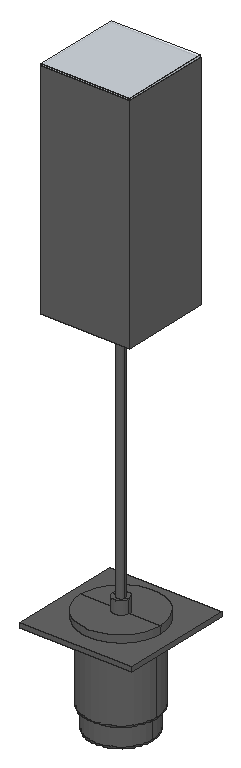
Revit family "LTC-4SQD-P", category Lighting Fixtures, host Face, Revit 2021
Family settings
  Host = Face
  Round Connector Dimension = Use Diameter
  Part Type = Normal
  OmniClass Number = 23.80.70.11.14.11
  OmniClass Title = Downlights
  Cut with Voids When Loaded = No
  Light Source = Yes
  Shared = No
  Room Calculation Point = No
Parameters (values of type "LTC-4SQD-PRMD")
  Wattage Comments = "8-25W"
  Wattage = 100 W
  Warranty = "5 years warranty"  # constant formula
  built-in parameter 1150110 = 1 (stored number, unit not read)
  Voltage = 120 V
  built-in parameter 1114217 = 1 (stored number, unit not read)
  Tilt Angle = -90.00°  # constant formula
  built-in parameter 1150109 = 1 (stored number, unit not read)
  built-in parameter 1150134 = 3
  built-in parameter 1150113 = 1 (stored number, unit not read)
  Recessed Canopy = no
  RMD = yes
  Photometric Web File = "LTC-4SQDPH-P-20L35K8MD-PM-S-BL.ies"
  Features = "•\t4inch architectural LED square downlight and wall wash cylinder delivering 600 - 4000 lm\r\n•\t4 beam distributions from 0.6 to 1.2 Spacing Criteria\r\n•\tQuiet reflector appearance with 50º optical cutoff\r\n•\t2700K - 5000K, 80+ and 90+ CRI options\r\n•\tAvailable in Surface, Wall, Pendant, or Cord Mount configurations\r\n•\tPowerHUBB™ enables low-voltage wired connectivity for Power over Ethernet (PoE) network system deployment\r\n•\t2 SDCM color consistency\r\n•\tLong life L90 at 55,000 hrs (TM-21)\r\n•\tFive year warranty\r\n\r\n"  # constant formula
  Emit from Rectangle Width = 5.500"  # constant formula
  Emit from Rectangle Length = 5.500"  # constant formula
  Cord Height = 17.500"
  built-in parameter 1150105 = -5684000 (stored number, unit not read)
  Lumens = 2000 lm
  built-in parameter 1150115 = 1 (stored number, unit not read)
  built-in parameter 1150137 = (empty or 0)
  built-in parameter 1150139 = (empty or 0)
  built-in parameter 1150112 = 1 (stored number, unit not read)
  built-in parameter 1150114 = 1 (stored number, unit not read)
  built-in parameter 1150132 = 2
  built-in parameter 1150102 = (empty or 0)
  built-in parameter 1150107 = 3200 (stored number, unit not read)
  built-in parameter 1150138 = (empty or 0)
  built-in parameter 1150106 = -56840 (stored number, unit not read)
  Emit Shape Visible in Rendering = no
  built-in parameter 1150104 = 1.8581 (stored number, unit not read)
  Dimming Lamp Color Temperature Shift = <None>
  Copyright = "Prescolite"  # constant formula
  Contact us = ""
  Color Filter = 16777215
  Certifications = "• cCSAus certified to UL 1598\r\n• Wall Mount: Suitable for wet locations\r\n• Surface & Pendant Mount: Suitable for wet\r\nlocations under covered ceiling\r\n• Cord Mount and all Wall Wash: Suitable for\r\ndamp locations"  # constant formula
  Canopy Width = 7.000"
  Canopy Height = 0.260"
  Canopy = yes
  built-in parameter 1114218 = 1 (stored number, unit not read)
  Ballast = Paint - Carbon Black
  URL = "https://www.currentlighting.com/prescolite"
  Product Page URL = ""
  Product Documentation Link = ""
  Model = "LTC-4SQD"  # constant formula
  Manufacturer = "Prescolite"  # constant formula
  Lamp = "LED Lamp"
  Reflector = Glass - Glass
  Description = "LITEISTRY™ 4inch Square Cylinder"  # constant formula
  Default Elevation = 48.000"
  built-in parameter 1150133 = 10 (stored number, unit not read)
  Apparent Load = 25 VA  # constant formula
Types (6): name | Recessed Canopy | RMD | Canopy Width | Canopy Height
  (no name) | no | yes | 7.000" | 0.260"
  LTC-4SQD-P | yes | no | 5.580" | 1.000"
  LTC-4SQD-PRMD | no | yes | 7.000" | 0.260"
  LTC-4SQD-PCC | no | no | 5.740" | 3.000"
  LTC-4SQD-PPC | yes | no | 7.750" | 3.000"
  LTC-4SQD-PPCC | no | no | 7.830" | 4.500"
Reference planes (in)
  plane 1 "Center (Front/Back)": y = 0
  plane 2: z = 0
  plane 3 "Center (Left/Right)": x = 0
  plane 4: z = 17.5
  plane 5: z = 17.25
  plane 6: x = -1
  plane 7: y = 1
  plane 8: x = 1
  plane 9: y = -1
  plane 10: z = 0.26
  plane 11: x = 3
  plane 12: x = -3
  plane 13: x = -2.75391
  plane 14: x = 2.75391
  plane 15: x = 3.5
  plane 16: x = -3.5
  plane 17: y = -3.5
  plane 18: y = 3.5
Forms (in)
  Revolve 1, solid, material "Paint - Carbon Black" <- "Ballast"
    sketch origin (0, 0, -5.91673) x (1, 0, 0) y (0, 0, 1)
      loop
        line (-0.5, 5.91673) -> (0, 5.91673) -> (0, 23.41673) -> (-0.38833, 23.41673) -> (-1.06332, 23.41673)
        arc (-1.06332, 23.41673) -> (-1.08372, 23.23867) -> (-1.06332, 23.0606) r 0.78757
        arc (-1.06332, 23.0606) -> (-0.75401, 23.02515) -> (-0.44277, 23.0172) r 3.51531
        arc (-0.44277, 23.0172) -> (-0.34697, 23.00218) -> (-0.25, 23.00372) r 0.56641
        line (-0.25, 23.00372) -> (-0.25, 7.37595) -> (-0.5, 7.37595) -> (-0.5, 5.91673)
      axis (0, 23.41673) -> (0, 5.91673)
    angle from 0 to 360
  Revolve 2, solid, material "Paint - Carbon Black" <- "Ballast", visible <- "RMD"
    sketch origin (0, 0, 0) x (1, 0, 0) y (0, 0, 1)
      loop
        line (0, -6) -> (0, 0.68805) -> (-2.5, 0.68805) -> (-2.5, -0.43712)
        arc (-2.5, -0.43712) -> (-2.48175, -0.48119) -> (-2.43767, -0.49945) r 0.06233
        line (-2.43767, -0.49945) -> (-2.30081, -0.49945)
        arc (-2.30081, -0.49945) -> (-2.26488, -0.51433) -> (-2.25, -0.55026) r 0.05081
        line (-2.25, -0.55026) -> (-2.25, -4.55877)
        arc (-2.25, -4.55877) -> (-2.2306, -4.6056) -> (-2.18377, -4.625) r 0.06623
        line (-2.18377, -4.625) -> (-2.03463, -4.625)
        arc (-2.03463, -4.625) -> (-2.01014, -4.63514) -> (-2, -4.65963) r 0.03463
        line (-2, -4.65963) -> (-2, -5.88059)
        arc (-2, -5.88059) -> (-1.96503, -5.96503) -> (-1.88059, -6) r 0.11941
        line (-1.88059, -6) -> (0, -6)
      axis (0, 0.68805) -> (0, -6)
    angle from 0 to 360
  Extrusion 3, solid, material "Paint - Carbon Black" <- "Ballast", visible <- "Canopy"
    sketch origin (0, 0, 0) x (1, 0, 0) y (0, 0, 1)
      loop
        line (-3.5, 0) -> (3.5, 0) -> (3.5, 0.26) -> (-3.5, 0.26) -> (-3.5, 0)
    from -3.5 to 3.5
  Extrusion 4, solid, material "Paint - Carbon Black" <- "Ballast", visible <- "Recessed Canopy"
    sketch origin (7.83986, -180, 7.93836) x (-1, 0, 0) y (0, -1, 0)
      loop
        line (8.85023, -181.75) -> (9.86059, -180) -> (8.85023, -178.25) -> (6.8295, -178.25) -> (5.81914, -180) -> (6.8295, -181.75) -> (8.85023, -181.75)
    from -9.27679 to -7.93836
Dimensions and locks (in)
  "Cord Height": plane 4 to host face
  locked: plane 4 to plane 5 at 0.25
  plane 6 to plane 3 "Center (Left/Right)" to plane 8 = 1.000" locked, 1.000" locked
  plane 7 to plane 1 "Center (Front/Back)" to plane 9 = 1.000" locked, 1.000" locked
  "Canopy Height": plane 10 to level
  host face to Revolve 2 sketch curve = 6.000"
  nested 1 to plane 4 = 14.000"
  equal spacing: plane 15, plane 3 "Center (Left/Right)", plane 16
  "Canopy Width": plane 15 to plane 16
  equal spacing: plane 18, plane 1 "Center (Front/Back)", plane 17
  "Canopy Width": plane 18 to plane 17
  aligned and locked: plane 2 to host face
  aligned and locked: Revolve 1 sketch curve to plane 4
  aligned and locked: Revolve 1 sketch curve to host face
  aligned and locked: plane 3 "Center (Left/Right)" to nested 1
  aligned and locked: nested 1 to plane 1 "Center (Front/Back)"
  aligned and locked: plane 3 "Center (Left/Right)" to imposter light
  aligned and locked: Extrusion 3 sketch curve to level
  aligned and locked: Extrusion 3 sketch curve to plane 16
  aligned and locked: plane 10 to Extrusion 3 sketch curve
  aligned and locked: plane 15 to Extrusion 3 sketch curve
  aligned and locked: plane 17 to Extrusion 3
  aligned and locked: Extrusion 3 to plane 18
Automatic sketch dimensions
  host sketch curve to host sketch curve = 96.000"  (x2)
  Revolve 2 sketch curve to plane 3 "Center (Left/Right)" = 0.000"  (x2)
  plane 13 to Revolve 2 sketch curve = 0.87332"
  Revolve 2 sketch curve to Revolve 2 sketch curve = 0.11941"
  Revolve 2 sketch curve to Revolve 2 sketch curve = 0.03463"
  Revolve 2 sketch curve to Revolve 2 sketch curve = 0.14914"
  Revolve 2 sketch curve to Revolve 2 sketch curve = 0.06623"
  Revolve 2 sketch curve to Revolve 2 sketch curve = 0.05081"
  Revolve 2 sketch curve to Revolve 2 sketch curve = 0.13687"
  level to Revolve 2 sketch curve = 0.68805"
  plane 13 to Revolve 2 sketch curve = 0.25391"
  Revolve 2 sketch curve to Revolve 2 sketch curve = 1.22096"
  Revolve 2 sketch curve to level = 0.55026"
  Revolve 2 sketch curve to Revolve 2 sketch curve = 17.63999"
  plane 4 to Revolve 2 sketch curve = 31.07883"
  Revolve 1 sketch curve to plane 3 "Center (Left/Right)" = 0.000"  (x2)
  Revolve 1 sketch curve to plane 3 "Center (Left/Right)" = 0.250"
  Revolve 1 sketch curve to Revolve 1 sketch curve = 0.04614"
  plane 4 to Revolve 1 sketch curve = 0.15048"
  Revolve 1 sketch curve to plane 3 "Center (Left/Right)" = 0.30745"
  Revolve 1 sketch curve to Revolve 1 sketch curve = 0.500"
  plane 6 to Revolve 1 sketch curve = 0.49121"
  Revolve 1 sketch curve to plane 6 = 0.06332"  (x2)
  plane 10 to Revolve 1 sketch curve = 1.19922"
  plane 5 to Revolve 1 sketch curve = 0.07193"
  Revolve 1 sketch curve to level = 13.75728"
  Revolve 1 sketch curve to plane 5 = 0.16301"
  Revolve 1 sketch curve to Revolve 1 sketch curve = 4.62756"
  Revolve 1 sketch curve to Revolve 1 sketch curve = 0.08088"
  Revolve 1 sketch curve to Revolve 1 sketch curve = 2.96468"
Nested families (in)
  nested 1: "LTC" at (0, 0, 17.5) x (0, 1, 0) z (0, 0, 1), Ballast <- "Ballast", Reflector <- "Reflector", type "6"
    with Reflector Glass - Glass, Ballast Paint - Carbon Black
Connectors (in)
  electrical at (0, 0, 0), driven by "Description", driven by "Voltage", driven by "Apparent Load"
    settings: index 1, voltage 120 V, apparent load 25 VA, apparent load phase1 0 VA, apparent load phase2 0 VA, apparent load phase3 0 VA, power factor 1, load classification "Other", number of poles 1, system type 30, power factor state 1, is connector primary yes, connector utility no, sub classification motor no, connector description "LITEISTRY™ 4inch Square Cylinder"
Definition of nested family "LTC"
  Parameters
    Width = 5.57813"
    Wattage Comments = ""
    Lamp = ""
    Height = 14.000"
    Ballast [instance] = none
    URL = ""
    Product Page URL = ""
    Product Documentation Link = ""
    Model = ""
    Manufacturer Phone = ""
    Manufacturer Fax = ""
    Manufacturer = "Prescolite"
    Reflector [instance] = none
    Description = ""
    Default Elevation = 48.000"
  Reference planes (in)
    plane 1 "Center (Front/Back)": y = 0
    plane 2: z = 0
    plane 3 "Center (Left/Right)": x = 0
    plane 4: y = 2.78906
    plane 5: y = -2.78906
    plane 6: z = 14
    plane 7: z = 0.125
    plane 8: x = 2.78906
    plane 9: z = 13.875
    plane 10: x = -2.78906
  Forms (in)
    Extrusion 1, solid
      sketch origin (0, 0, 0) x (1, 0, 0) y (0, 1, 0)
        loop
          line (-48, 48) -> (-48, -48) -> (48, -48) -> (48, 48) -> (-48, 48)
      from 0 to -6
    Extrusion 2, solid, material <- "Reflector"
      sketch origin (0, 0, 30.25) x (1, 0, 0) y (0, 1, 0)
        loop
          line (-2.78906, 2.78906) -> (-2.78906, -2.78906) -> (2.78906, -2.78906) -> (2.78906, 2.78906) -> (-2.78906, 2.78906)
      from -16.25 to -16.375
    Extrusion 3, solid, material <- "Ballast"
      sketch origin (0, 0, 0) x (1, 0, 0) y (0, 1, 0)
        loop
          line (-2.78906, 2.78906) -> (-2.78906, -2.78906) -> (2.78906, -2.78906) -> (2.78906, 2.78906) -> (-2.78906, 2.78906)
      from 0 to 13.875
  Dimensions and locks (in)
    equal spacing: plane 4, plane 1 "Center (Front/Back)", plane 5
    "Width": plane 5 to plane 4
    equal spacing: plane 10, plane 3 "Center (Left/Right)", plane 8
    "Width": plane 10 to plane 8
    "Height": plane 6 to Extrusion 1
    locked: plane 6 to plane 9 at 0.125
    aligned and locked: plane 2 to Extrusion 1
    aligned and locked: Extrusion 2 to plane 9
    aligned and locked: plane 9 to Extrusion 3
    aligned and locked: plane 6 to Extrusion 2
  Automatic sketch dimensions
    Extrusion 1 sketch curve to Extrusion 1 sketch curve = 96.000"  (x2)
    Extrusion 3 sketch curve to plane 5 = 0.000"
    Extrusion 3 sketch curve to plane 10 = 0.000"
    Extrusion 3 sketch curve to plane 8 = 0.000"
    plane 4 to Extrusion 3 sketch curve = 0.000"
    Extrusion 2 sketch curve to plane 5 = 0.000"
    Extrusion 2 sketch curve to plane 10 = 0.000"
    Extrusion 2 sketch curve to plane 8 = 0.000"
    plane 4 to Extrusion 2 sketch curve = 0.000"
